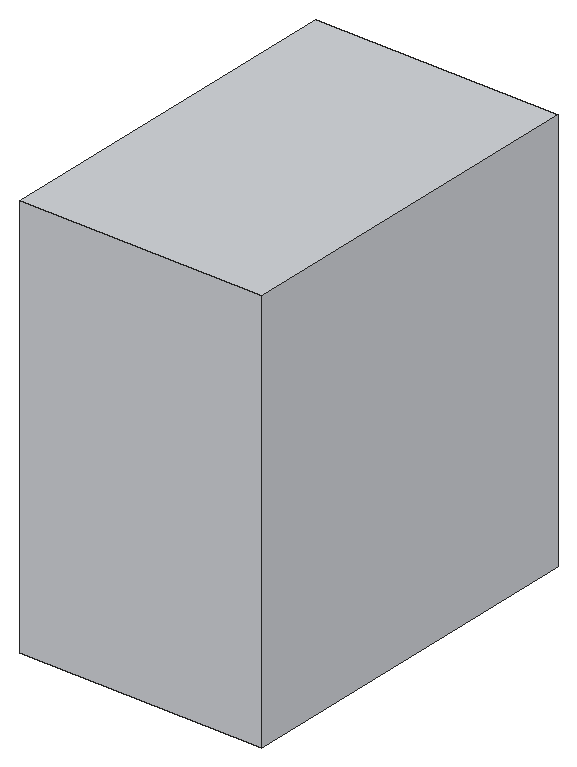
Revit family
Parameters
  Warranty Duration (Years) = 0
  Unit Width [instance] = 1' - 5 1/4"
  Unit Height [instance] = 1' - 7"
  Unit Depth = 0' - 0 15/16"
  URL = "http://www.americanspecialties.com/viewCategories.cfm"
  Trim Material = Metal - Stainless Steel
  Test Data = ""
  Specification = "http://www.arcat.com/sdspecs/htm/10810asi.htm"
  SpecWizard = ""
  Send Message = "http://www.arcat.com/users.pl?action=UserEmail&company=American%20Specialties,%20Inc.&coid=30448&rep=139&fax=914-476-0688&mf="
  Sales Information = "http://www.americanspecialties.com/contact"
  Revision = "R1_10-2010"
  Product Properties = "http://www.americanspecialties.com/datasheets/9469.pdf"
  Product Data = "http://www.arcat.com/arcatcos/cos30/arc30448.html"
  Model = "As Specified in 10 28 13"
  Manufacturer Website = "http://www.americanspecialties.com/viewCategories.cfm"
  Manufacturer Phone - Toll Free = ""
  Manufacturer Phone = "914-476-9000 "
  Manufacturer Fax = "914-476-0688"
  Manufacturer Address = "441 Saw Mill River Rd., Yonkers, NY 10701"
  Manufacturer = "American Specialties, Inc."
  Maintenance Schedule (Months) = 0
  Keynote = "10 28 13"
  Installation-Fabrication = "http://www.americanspecialties.com/products.cfm"
  Green Building-LEED = ""
  Expected Lifespan (Years) = 0
  Drawn By = "Robert S. Weygant. CSI, CDT, SCIP"  # constant formula
  Description = "Toilet Accessory as Specified in 10 28 13"
  Default Elevation = 4' - 0"
  Copyright = "©Arcat Inc."
  Construction Details = "http://www.arcat.com/green/clients/leed_data_30448.html"
  Building Codes = "http://www.americanspecialties.com/products.cfm"
  Body Material = Metal - Stainless Steel
  Assembly Code = "C1030210"
Reference planes (in)
  plane 1 "Center (Front/Back)": y = -0.29112
  plane 2 "Floor Line": z = 0
  plane 3 "Center (Left/Right)": x = -0.65843
Forms (in)
  Extrusion 1, solid
    sketch origin (-3, -9, -6) x (0, 0, -1) y (1, 0, 0)
      loop
        line (-82, 26) -> (-82, -19.34712) -> (-6, -19.34712) -> (-6, 26) -> (-82, 26)
    from 28.29112 to -41.06337
  Extrusion 2, solid, material "Metal - Stainless Steel" <- "Body Material"
    sketch origin (-46.87064, 10.21428, 0) x (1, 0, 0) y (0, 1, 0)
      loop
        line (38.58721, 16.49461) -> (38.58721, -37.50539) -> (53.83721, -37.50539) -> (53.83721, 16.49461) -> (38.58721, 16.49461)
    from 0 to -4
  Extrusion 3, solid, material "Metal - Stainless Steel" <- "Body Material"
    sketch origin (-46.87064, 0, 0) x (1, 0, 0) y (0, 1, 0)
      loop
        line (38.58721, 26.70888) -> (38.58721, -27.29112) -> (53.83721, -27.29112) -> (53.83721, 26.70888) -> (38.58721, 26.70888)
      loop
        line (37.58721, 27.70888) -> (37.58721, -28.29112) -> (54.83721, -28.29112) -> (54.83721, 27.70888) -> (37.58721, 27.70888)
    from 0 to 0.25
  Extrusion 4, solid, material "Metal - Stainless Steel" <- "Body Material"
    sketch origin (-0.90625, 18.20888, 0.25) x (1, 0, 0) y (0, 0, 1)
      loop
        line (-8.37718, 0) -> (8.87282, 0) -> (8.87282, 0.1875)
        arc (8.87282, 0.1875) -> (8.65315, 0.71783) -> (8.12282, 0.9375) r 0.75
        line (8.12282, 0.9375) -> (-7.62718, 0.9375)
        arc (-7.62718, 0.9375) -> (-8.15751, 0.71783) -> (-8.37718, 0.1875) r 0.75
        line (-8.37718, 0.1875) -> (-8.37718, 0)
    from -9.5 to 9.5
  Extrusion 5, solid, material "Metal - Stainless Steel" <- "Body Material"
    sketch origin (0, 0, 0) x (1, 0, 0) y (0, 1, 0)
      loop
        line (6.96657, -27.29112) -> (6.96657, -1.29112) -> (-8.28343, -1.29112) -> (-8.28343, -27.29112) -> (6.96657, -27.29112)
    from 0 to 4
  Extrusion 6, void
    sketch origin (-0.65843, 0, 0) x (0, 1, 0) y (0, 0, 1)
      loop
        line (-1.29112, -3.9375) -> (-1.29112, 3.9375) -> (-27.22862, 3.9375) -> (-27.22862, -3.9375) -> (-1.29112, -3.9375)
    from -7.5625 to 7.5625
  Extrusion 7, void
    sketch origin (-0.65843, 0, 0) x (0, 1, 0) y (0, 0, 1)
      loop
        line (8.70888, 0) -> (8.70888, 0.25) -> (-1.29112, 0.25) -> (-1.29112, -3.9375) -> (-0.00012, -3.9375)
        arc (-0.00012, -3.9375) -> (3.09984, -3.41902) -> (6.19979, -3.9375) r 9.52638
        line (6.19979, -3.9375) -> (8.70888, 0)
    from -7.5625 to 7.5625
  Extrusion 8, solid, material "Metal - Stainless Steel" <- "Trim Material"
    sketch origin (0, 0, 0) x (1, 0, 0) y (0, 1, 0)
      loop
        circle (-6.28343, 18.70888) r 0.5
      loop
        line (-6.33164, 19.13277) -> (-6.33164, 18.28027) -> (-6.23523, 18.28027) -> (-6.23523, 19.13277) -> (-6.33164, 19.13277)
    from 1.1875 to 1.25
  Extrusion 9, solid, material "Metal - Stainless Steel" <- "Trim Material"
    sketch origin (5.625, -19.34039, -5.125) x (1, 0, 0) y (0, 1, 0)
      loop
        circle (-6.28343, 18.70888) r 0.5
      loop
        line (-6.33164, 19.13277) -> (-6.33164, 18.28027) -> (-6.23523, 18.28027) -> (-6.23523, 19.13277) -> (-6.33164, 19.13277)
    from 1.1875 to 1.25
  Extrusion 10, void
    sketch origin (0, 0, 0) x (1, 0, 0) y (0, 1, 0)
      loop
        line (-8.28343, 26.70888) -> (-8.28343, -27.22862) -> (6.90407, -27.22862) -> (6.90407, 26.70888) -> (-8.28343, 26.70888)
    from 0 to -4
Cuts and joins
  Extrusion 6, Extrusion 7 cuts Extrusion 2
  Extrusion 6, Extrusion 7 cuts Extrusion 3
  Extrusion 6, Extrusion 7 cuts Extrusion 5
  Extrusion 7 cuts Extrusion 4
Dimensions and locks (in)
  Extrusion 4 sketch curve to Extrusion 4 sketch curve = 1' - 5 1/4"
  Extrusion 4 sketch curve to Extrusion 4 sketch curve = 0' - 0 15/16"
  aligned and locked: Extrusion 1 to level
